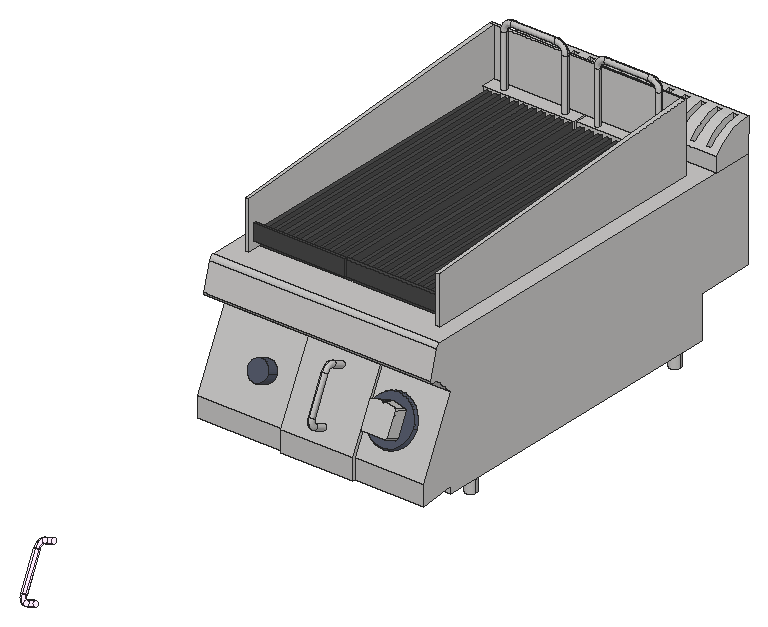
Revit family "QF_ZANUSSI_372042_Z7GRGDGC0P", category Specialty Equipment, Revit 2018
Family settings
  Round Connector Dimension = Use Diameter
  Part Type = Normal
  Work Plane-Based = No
  Always vertical = Yes
  Cut with Voids When Loaded = No
  Shared = No
  Room Calculation Point = No
Parameters
  Width = 400 mm  # constant formula
  Weight in Pounds = 71  # constant formula
  Weight = 0.00 kg
  Watts = 0 W
  Volts = 0 V
  URL Manufacturer = "http://www.zanussiprofessional.com"
  URL Cutsheet = "www.electrolux.com/foodservice"
  URL = "http://www.zanussiprofessional.com"
  Type Mark [instance] = ""
  Steam Supply Size = 0"
  Steam Supply Minimum Pressure = 0.00 psi
  Steam Supply Maximum Pressure = 0.00 psi
  Steam Pounds per Hour = 0
  Status [instance] = ""
  Specification by User [instance] = ""
  Specification by Manufacturer = ""
  Show Logo [instance] = yes
  Show Clearance [instance] = yes
  Serial Number = ""
  Seismic Rating = ""
  SMACNA No = ""
  Revision Code [instance] = ""
  Refrigeration Suction Line Size = 0"
  Refrigeration Liquid Line Size = 0"
  Refrigerant Compressor Remote = yes
  Phase = 0
  Omniclass Number and Title = ""
  NAFEM Spec ID Number = ""
  Model = "Z7GRGDGC0P"
  Mechanical Remarks = ""
  Mechanical Connection Type = ""
  Masterspec = ""
  Manufacturer = "Zanussi"
  Length Actual = 400 mm  # constant formula
  Item Number [instance] = "372042"
  Installed By [instance] = ""
  Identify Quantity as Lot [instance] = yes
  Hot Water Size = 0"
  Height Actual = 250 mm  # constant formula
  Height = 424 mm  # constant formula
  HP = "0 HP"
  Gas Size = 1/2"  # constant formula
  Gas RI Height [instance] = 0 mm
  Gas KW = 7  # constant formula
  Gas Input [instance] = 23863.0 Btu/h  # constant formula
  Gas Connection Height = 0 mm
  Furnished By [instance] = ""
  Foodservice Equipment Identifier [instance] = yes
  Direct Waste Size = 0"
  Description = "GAS GRILL TOP HP 400 MM"
  Depth Actual = 700 mm  # constant formula
  Depth = 715 mm  # constant formula
  Cycle = 0 Hz
  Condensate Return Size = 0"
  Compressed Air Volume = 0 GPM
  Compressed Air Size = 0"
  Compressed Air Pressure = 0.00 psi
  Cold Water Size = 0"
  CSI MasterFormat = ""
  CSI Master Format = ""
  Base Height [instance] = 24 mm  # constant formula
  Assembly Code = ""
  Accessory = yes
Reference planes
  plane 1 "BACK": y = 0
  plane 2: z = 0
  plane 3 "LEFT": x = 0
  plane 4 "RIGHT": x = 400
  plane 5 "FRONT": y = -715
  plane 6 "TOP": z = 289
  plane 7 "Center Y": x = 200
  plane 8 "Center X": y = -357.5
  plane 9 "BASE": z = 24
  plane 10 "TOP A": z = 274
  plane 11: y = -597.884
  plane 12: y = -147.637
  plane 13: z = 424
  plane 14 "panel": through (-6096, -654.982, 186.002) normal (0, -0.8956, 0.4448)
  plane 15: y = -700
  plane 16: y = -1373.624
Forms (mm)
  Extrusion 1, solid, material "QF_Finishes_Stainless Steel"
    sketch origin (0, 0, 0) x (0, 1, 0) y (0, 0, 1)
      loop
        line (0, 98) -> (0, 274) -> (-679.358, 274)
        arc (-679.358, 274) -> (-684.643, 271.811) -> (-686.833, 266.526) r 7.474
        line (-686.833, 266.526) -> (-699.884, 221.011)
        arc (-699.884, 221.011) -> (-699.396, 218.379) -> (-697, 217.184) r 3
        line (-697, 217.184) -> (-686.802, 217.184) -> (-654.982, 185.364) -> (-715, 64.508) -> (-715, 29.508) -> (-658.645, 37.428)
        arc (-658.645, 37.428) -> (-656.101, 36.674) -> (-655, 34.259) r 3.2
        line (-655, 34.259) -> (-655, 24) -> (-103, 24) -> (-103, 98) -> (0, 98)
    from 0 to 400
  Extrusion 2, solid, material "QF_Finishes_Stainless Steel"
    sketch origin (0, 0, 0) x (1, 0, 0) y (0, 1, 0)
      loop
        circle (11.112, -147.638) r 9.525
      loop
        circle (11.112, -597.884) r 9.525
      loop
        circle (388.887, -147.638) r 9.525
      loop
        circle (388.887, -597.884) r 9.525
    from 0 to 24
  Extrusion 3, solid, material "QF_Finishes_Stainless Steel"
    sketch origin (0, -101.6, 101.6) x (0, 0, -1) y (-1, 0, 0)
      loop
        circle (43.694, -347.613) r 6.35
    from -1.4 to 3.175
  Extrusion 4, solid, material "QF_Finishes_Clearance", visible <- "Show Clearance", detail levels coarse
    sketch origin (0, 0, 0) x (1, 0, 0) y (0, 1, 0)
      loop
        line (0, -715) -> (0, 0) -> (400, 0) -> (400, -715) -> (550.019, -715) -> (550.019, 150.019) -> (-150.019, 150.019) -> (-150.019, -715) -> (0, -715)
    from 0 to 396
  Extrusion 5, solid, material "QF_Finishes_Black"
    sketch origin (0, 0, 274.638) x (0, -1, 0) y (1, 0, 0)
      loop
        line (621.714, 36.575) -> (621.714, 198.375) -> (130.285, 198.375) -> (130.285, 36.575) -> (621.714, 36.575)
      loop
        line (621.714, 363.375) -> (130.285, 363.375) -> (130.285, 201.575) -> (621.714, 201.575) -> (621.714, 363.375)
    from 0 to 12.7
  Extrusion 6, solid, material "QF_Finishes_Stainless Steel"
    sketch origin (0, 0, 274.638) x (0, -1, 0) y (1, 0, 0)
      loop
        line (130.285, 36.575) -> (130.285, 198.375) -> (107.795, 198.375) -> (107.795, 36.575) -> (130.285, 36.575)
      loop
        line (130.285, 363.375) -> (107.795, 363.375) -> (107.795, 201.575) -> (130.285, 201.575) -> (130.285, 363.375)
    from 0 to 37.056
  Extrusion 7, solid, material "QF_Finishes_Black"
    sketch origin (52.271, -631.964, 287.338) x (-0.153405, 0, 0.988163) y (-0.988163, 0, -0.153405)
      loop
        line (-20.852, -144.668) -> (6.587, -148.928) -> (31.408, 10.957) -> (3.969, 15.217) -> (-20.852, -144.668)
      loop
        line (-21.343, -147.83) -> (-46.164, -307.715) -> (-18.724, -311.975) -> (6.097, -152.09) -> (-21.343, -147.83)
    from 0 to 5
  Sweep 8, solid, material "QF_Finishes_Stainless Steel"
    path origin (-5, -118.772, 30.903) x (0, 0, 1) y (-1, 0, 0)
      loop
        line (280.865, -69.349) -> (372.777, -69.349)
        arc (372.777, -69.349) -> (383.553, -73.812) -> (388.017, -84.589) r 15.24
        line (388.017, -84.589) -> (388.017, -162.031)
        arc (388.017, -162.031) -> (383.553, -172.808) -> (372.777, -177.271) r 15.24
        line (372.777, -177.271) -> (280.865, -177.271)
    profile origin (64.349, -118.772, 357.724) x (-1, 0, 0) y (0, -1, 0)
      loop
        circle (0, 0) r 4.572
  Extrusion 9, solid, material "QF_Finishes_Stainless Steel"
    sketch origin (35.025, -104.885, 396) x (0, -1, 0) y (0, 0, -1)
      loop
        line (0, -0.1) -> (540, 38.757) -> (540, 122) -> (0, 122) -> (0, -0.1)
    from 0 to -6.35
  Extrusion 10, solid, material "QF_Finishes_Stainless Steel"
    sketch origin (365.025, -104.885, 396) x (0, -1, 0) y (0, 0, 1)
      loop
        line (0, 0.1) -> (0, -122) -> (540, -122) -> (540, -38.757) -> (0, 0.1)
    from 0 to -6.35
  Extrusion 11, solid, material "QF_Finishes_Stainless Steel"
    sketch origin (35.025, -104.885, 274) x (0, 0, 1) y (1, 0, 0)
      loop
        line (0, -6.35) -> (122.1, -6.35) -> (122.1, 336.35) -> (0, 336.35) -> (0, -6.35)
    from 0 to 3.2
  Sweep 12, solid, material "QF_Finishes_Stainless Steel"
    path origin (160, -118.772, 30.903) x (0, 0, 1) y (-1, 0, 0)
      loop
        line (280.865, -69.349) -> (372.777, -69.349)
        arc (372.777, -69.349) -> (383.553, -73.812) -> (388.017, -84.589) r 15.24
        line (388.017, -84.589) -> (388.017, -162.006)
        arc (388.017, -162.006) -> (383.553, -172.783) -> (372.777, -177.246) r 15.24
        line (372.777, -177.246) -> (280.865, -177.246)
    profile origin (229.349, -118.772, 357.724) x (-1, 0, 0) y (0, -1, 0)
      loop
        circle (0, 0) r 4.572
  Extrusion 13, solid, material "QF_Finishes_Stainless Steel"
    sketch origin (0, 0, 0) x (0, 1, 0) y (0, 0, 1)
      loop
        line (0, 274.638) -> (0, 333.49)
        arc (0, 333.49) -> (-38.863, 325.127) -> (-69.85, 300.225) r 86.271
        line (-69.85, 300.225) -> (-69.85, 274.638) -> (0, 274.638)
    from 0 to 400.05
  Extrusion 14, void
    sketch origin (0, 0, 274.638) x (-1, 0, 0) y (0, -1, 0)
      loop
        line (-13.453, 6.761) -> (-13.453, 63.911) -> (-22.749, 63.911) -> (-22.749, 6.761) -> (-13.453, 6.761)
    from 25.4 to 63.5
  Extrusion 15, void
    sketch origin (400.05, 0, 274.638) x (1, 0, 0) y (0, 1, 0)
      loop
        line (-13.503, -6.761) -> (-22.799, -6.761) -> (-22.799, -63.911) -> (-13.503, -63.911) -> (-13.503, -6.761)
    from 25.4 to 63.5
  Extrusion 16, void
    sketch origin (27.988, 0, 274.638) x (-1, 0, 0) y (0, -1, 0)
      loop
        line (-13.453, 6.761) -> (-13.453, 63.911) -> (-22.749, 63.911) -> (-22.749, 6.761) -> (-13.453, 6.761)
    from 25.4 to 63.5
  Extrusion 17, void
    sketch origin (55.977, 0, 274.638) x (-1, 0, 0) y (0, -1, 0)
      loop
        line (-13.453, 6.761) -> (-13.453, 63.911) -> (-22.749, 63.911) -> (-22.749, 6.761) -> (-13.453, 6.761)
    from 25.4 to 63.5
  Extrusion 18, void
    sketch origin (83.965, 0, 274.638) x (-1, 0, 0) y (0, -1, 0)
      loop
        line (-13.428, 6.761) -> (-13.428, 63.911) -> (-22.724, 63.911) -> (-22.724, 6.761) -> (-13.428, 6.761)
    from 25.4 to 63.5
  Extrusion 19, void
    sketch origin (111.953, 0, 274.638) x (-1, 0, 0) y (0, -1, 0)
      loop
        line (-13.428, 6.761) -> (-13.428, 63.911) -> (-22.724, 63.911) -> (-22.724, 6.761) -> (-13.428, 6.761)
    from 25.4 to 63.5
  Extrusion 20, void
    sketch origin (139.942, 0, 274.638) x (-1, 0, 0) y (0, -1, 0)
      loop
        line (-13.428, 6.761) -> (-13.428, 63.911) -> (-22.724, 63.911) -> (-22.724, 6.761) -> (-13.428, 6.761)
    from 25.4 to 63.5
  Extrusion 21, void
    sketch origin (167.93, 0, 274.638) x (-1, 0, 0) y (0, -1, 0)
      loop
        line (-13.428, 6.761) -> (-13.428, 63.911) -> (-22.724, 63.911) -> (-22.724, 6.761) -> (-13.428, 6.761)
    from 25.4 to 63.5
  Extrusion 22, void
    sketch origin (195.918, 0, 274.638) x (-1, 0, 0) y (0, -1, 0)
      loop
        line (-13.428, 6.761) -> (-13.428, 63.911) -> (-22.724, 63.911) -> (-22.724, 6.761) -> (-13.428, 6.761)
    from 25.4 to 63.5
  Extrusion 23, void
    sketch origin (223.907, 0, 274.638) x (-1, 0, 0) y (0, -1, 0)
      loop
        line (-13.428, 6.761) -> (-13.428, 63.911) -> (-22.724, 63.911) -> (-22.724, 6.761) -> (-13.428, 6.761)
    from 25.4 to 63.5
  Extrusion 24, void
    sketch origin (251.895, 0, 274.638) x (-1, 0, 0) y (0, -1, 0)
      loop
        line (-13.428, 6.761) -> (-13.428, 63.911) -> (-22.724, 63.911) -> (-22.724, 6.761) -> (-13.428, 6.761)
    from 25.4 to 63.5
  Extrusion 25, void
    sketch origin (279.884, 0, 274.638) x (-1, 0, 0) y (0, -1, 0)
      loop
        line (-13.403, 6.761) -> (-13.403, 63.911) -> (-22.699, 63.911) -> (-22.699, 6.761) -> (-13.403, 6.761)
    from 25.4 to 63.5
  Extrusion 26, void
    sketch origin (307.872, 0, 274.638) x (-1, 0, 0) y (0, -1, 0)
      loop
        line (-13.403, 6.761) -> (-13.403, 63.911) -> (-22.699, 63.911) -> (-22.699, 6.761) -> (-13.403, 6.761)
    from 25.4 to 63.5
  Extrusion 27, void
    sketch origin (335.86, 0, 274.638) x (-1, 0, 0) y (0, -1, 0)
      loop
        line (-13.403, 6.761) -> (-13.403, 63.911) -> (-22.699, 63.911) -> (-22.699, 6.761) -> (-13.403, 6.761)
    from 25.4 to 63.5
  Extrusion 28, solid, material "QF_Plastic-Black-Matte"
    sketch origin (262.6, -684.991, 125.574) x (0, 0.444781, 0.895639) y (0, 0.895639, -0.444781)
      loop
        line (26.984, -34) -> (23.984, -34) -> (23.984, -35) -> (26.984, -35)
        arc (26.984, -35) -> (27.691, -34.707) -> (27.984, -34) r 1
        line (27.984, -34) -> (27.984, -19) -> (26.984, -19) -> (26.984, -34)
    from -58.5 to -56.5
  Extrusion 29, solid, material "QF_Finishes_Stainless Steel"
    sketch origin (320.1, -684.991, 125.574) x (-1, 0, 0) y (0, -0.444781, -0.895639)
      loop
        line (17.5, -17.5) -> (17.5, 17.5) -> (-17.5, 17.5) -> (-17.5, -17.5) -> (17.5, -17.5)
    from 5 to 10
  Extrusion 30, solid, material "QF_Finishes_Stainless Steel"
    sketch origin (320.1, -684.991, 125.574) x (-1, 0, 0) y (0, -0.444781, -0.895639)
      loop
        arc (-21.147, -22.789) -> (0, -26.984) -> (21.147, -22.789) r 55.4
        arc (21.147, -22.789) -> (22.494, -21.685) -> (23, -20.019) r 2.997
        line (23, -20.019) -> (23, 20.019)
        arc (23, 20.019) -> (22.122, 22.138) -> (20.003, 23.016) r 2.997
        line (20.003, 23.016) -> (-20.003, 23.016)
        arc (-20.003, 23.016) -> (-22.122, 22.138) -> (-23, 20.019) r 2.997
        line (-23, 20.019) -> (-23, -20.019)
        arc (-23, -20.019) -> (-22.494, -21.685) -> (-21.147, -22.789) r 2.997
    from 10 to 34
  Blend 31, solid, material "QF_Finishes_Navy Blue"
    base sketch origin (320.1, -684.991, 125.574) x (1, 0, 0) y (0, 0.444781, 0.895639)
      loop
        circle (0, 0) r 42.5
    top sketch origin (320.1, -684.991, 125.574) x (1, 0, 0) y (0, 0.444781, 0.895639)
      loop
        circle (0, 0) r 40.5
    from 0 to 5
  Extrusion 32, solid, material "QF_Finishes_Stainless Steel"
    sketch origin (180, -122.343, 1258.557) x (1, 0, 0) y (0, 0.444781, 0.895639)
      loop
        circle (-80, -1265) r 15
    from 0 to 3
  Extrusion 33, solid, material "QF_Finishes_Navy Blue"
    sketch origin (180, -122.343, 1258.557) x (1, 0, 0) y (0, 0.444781, 0.895639)
      loop
        circle (-80, -1265) r 18
    from 3 to 23
  Extrusion 34, solid, material "QF_Finishes_Drawer Clearance", visible <- "Show Clearance", detail levels coarse
    sketch origin (150.543, 0, -2.09) x (0, 1, 0) y (0, 0, 1)
      loop
        line (-718.2, 31.598) -> (-718.2, 67.537) -> (-658.663, 187.425) -> (-1292.631, 187.425) -> (-1356.556, 58.702) -> (-1356.556, 31.598) -> (-718.2, 31.598)
    from 0 to 127
  Sweep 35, solid, material "QF_Finishes_Drawer Clearance"
    path origin (16.593, -643.685, -21.613) x (0, 0.999563, -0.029571) y (0, 0.029571, 0.999563)
      loop
        line (-662.718, 170.424) -> (-683.347, 179.918)
        arc (-683.347, 179.918) -> (-693.06, 180.294) -> (-700.193, 173.692) r 12.7
        line (-700.193, 173.692) -> (-727.741, 113.839)
        arc (-727.741, 113.839) -> (-728.117, 104.126) -> (-721.514, 96.993) r 12.7
        line (-721.514, 96.993) -> (-700.886, 87.498)
    profile origin (16.593, -1311.243, 173.384) x (0, -0.444781, -0.895639) y (1, 0, 0)
      loop
        circle (0, 200.05) r 4.572
  Sweep 36, solid, material "QF_Finishes_Stainless Steel"
    path origin (16.593, -9.731, -20.16) x (0, 0.999563, -0.029571) y (0, 0.029571, 0.999563)
      loop
        line (-662.718, 170.424) -> (-683.347, 179.918)
        arc (-683.347, 179.918) -> (-693.06, 180.294) -> (-700.193, 173.692) r 12.7
        line (-700.193, 173.692) -> (-727.741, 113.839)
        arc (-727.741, 113.839) -> (-728.117, 104.126) -> (-721.514, 96.993) r 12.7
        line (-721.514, 96.993) -> (-700.886, 87.498)
    profile origin (16.593, -677.289, 174.836) x (0, -0.444781, -0.895639) y (1, 0, 0)
      loop
        circle (0, 200.05) r 4.572
  Extrusion 37, solid, material "QF_Finishes_Stainless Steel"
    sketch origin (150.543, 0, -0.638) x (0, 1, 0) y (0, 0, 1)
      loop
        line (-715, 65.146) -> (-654.982, 186.002) -> (-657.848, 187.425) -> (-718.2, 65.896) -> (-718.2, 30.146) -> (-715, 30.146) -> (-715, 65.146)
    from 0 to 127
Cuts and joins
  joined: Extrusion 9, Extrusion 10, Extrusion 11
  Extrusion 14 cuts Extrusion 4
  Extrusion 14, Extrusion 15, Extrusion 16, Extrusion 17, Extrusion 18, Extrusion 19, Extrusion 20, Extrusion 21, Extrusion 22, Extrusion 23, Extrusion 24, Extrusion 25, Extrusion 26, Extrusion 27 cuts Extrusion 13
Lines and regions (mm)
  Split face 1
    outline origin (320.1, -689.469, 127.797) x (1, 0, 0) y (0, 0.444781, 0.895639)
      loop
        circle (0, 34.714) r 1.714
  Split face 2
    outline origin (320.1, -689.469, 127.797) x (1, 0, 0) y (0, 0.444781, 0.895639)
      loop
        circle (-17.357, 30.063) r 2
  Split face 3
    outline origin (320.1, -689.469, 127.797) x (1, 0, 0) y (0, 0.444781, 0.895639)
      loop
        circle (17.357, 30.063) r 2
  Split face 4
    outline origin (320.1, -689.469, 127.797) x (1, 0, 0) y (0, 0.444781, 0.895639)
      loop
        line (-23.985, -28.584) -> (-20.542, -24.481)
        arc (-20.542, -24.481) -> (-27.511, -15.911) -> (-31.231, -5.511) r 32.719
        line (-31.231, -5.511) -> (-37.141, -6.549)
        arc (-37.141, -6.549) -> (-32.568, -18.764) -> (-23.985, -28.584) r 36.411
  Split face 5
    outline origin (320.1, -689.469, 127.797) x (1, 0, 0) y (0, 0.444781, 0.895639)
      loop
        arc (20.441, -26.163) -> (0.211, -32.559) -> (-19.689, -25.201) r 32.719
        line (-19.689, -25.201) -> (-22.952, -29.377)
        arc (-22.952, -29.377) -> (-0.277, -36.495) -> (21.959, -28.107) r 36.411
        line (21.959, -28.107) -> (20.441, -26.163)
  Split face 6
    outline origin (320.1, -689.469, 127.797) x (1, 0, 0) y (0, 0.444781, 0.895639)
      loop
        line (21.361, -25.457) -> (22.903, -27.295)
        arc (22.903, -27.295) -> (31.935, -14.958) -> (35.104, 0) r 36.411
        line (35.104, 0) -> (33.714, 0)
        arc (33.714, 0) -> (30.431, -14.133) -> (21.361, -25.457) r 32.719
  Split face 7
    outline origin (320.1, -689.469, 127.797) x (1, 0, 0) y (0, 0.444781, 0.895639)
      loop
        arc (-37.695, 1.149) -> (-34.899, -3.19) -> (-31.619, 0.795) r 3.195
        line (-31.619, 0.795) -> (-32.379, 3.751)
        arc (-32.379, 3.751) -> (-34.462, 5.448) -> (-36.693, 3.952) r 2.258
        line (-36.693, 3.952) -> (-37.695, 1.149)
  symbolic lines, style "QF-Clearances", visible <- "Show Clearance", detail levels coarse
    curve 1: line (550.019, 150.019, 274) -> (-150.019, 150.019, 274)
    curve 2: line (550.019, -715, 274) -> (550.019, 150.019, 274)
    curve 3: line (-150.019, 150.019, 274.638) -> (-150.019, -715, 274.638)
    curve 4: line (550.019, 150.019, 274.638) -> (-150.019, 150.019, 274.638)
  symbolic lines
    curve 5: line (0, 0, 274.638) -> (400, 0, 274.638)
    curve 6: line (0, -715, 274.638) -> (0, 0, 274.638)
    curve 7: line (400, 0, 274.638) -> (400, -715, 274.638)
    curve 8: line (35.025, -104.885, 274.638) -> (35.025, -644.885, 274.638)
    curve 9: line (28.675, -644.885, 274.638) -> (35.025, -644.885, 274.638)
    curve 10: line (364.975, -104.885, 274.638) -> (35.025, -104.885, 274.638)
    curve 11: line (0, -69.85, 274.638) -> (400, -69.85, 274.638)
    curve 12: line (28.675, -98.535, 274.638) -> (28.675, -644.885, 274.638)
    curve 13: line (28.675, -98.535, 274.638) -> (371.325, -98.535, 274.638)
    curve 14: line (36.625, -107.795, 274.638) -> (198.4, -107.795, 274.638)
    curve 15: line (36.625, -636.964, 274.638) -> (36.625, -107.795, 274.638)
    curve 16: line (198.4, -130.285, 274.638) -> (36.625, -130.285, 274.638)
    curve 17: line (198.4, -107.795, 274.638) -> (198.4, -636.964, 274.638)
    curve 21: line (201.6, -107.795, 274.638) -> (363.375, -107.795, 274.638)
    curve 22: line (201.6, -636.964, 274.638) -> (201.6, -107.795, 274.638)
    curve 23: line (363.375, -130.285, 274.638) -> (201.6, -130.285, 274.638)
    curve 24: line (363.375, -107.795, 274.638) -> (363.375, -636.964, 274.638)
    curve 25: line (64.349, -114.2, 274) -> (172.271, -114.2, 274)
    curve 26: line (172.271, -123.344, 274) -> (64.349, -123.344, 274)
    curve 27: arc (64.349, -114.2, 274) -> (59.777, -118.772, 274) -> (64.349, -123.344, 274) r 4.572
    curve 28: arc (172.271, -114.2, 274) -> (176.843, -118.772, 274) -> (172.271, -123.344, 274) r 4.572
    curve 29: line (337.189, -114.2, 274) -> (229.291, -114.2, 274)
    curve 30: line (229.291, -123.344, 274) -> (337.189, -123.344, 274)
    curve 31: arc (337.189, -114.2, 274) -> (341.761, -118.772, 274) -> (337.189, -123.344, 274) r 4.572
    curve 32: arc (229.291, -114.2, 274) -> (224.719, -118.772, 274) -> (229.291, -123.344, 274) r 4.572
    curve 33: line (36.625, -636.964, 274) -> (198.4, -636.964, 274)
    curve 34: line (198.4, -631.964, 274) -> (36.625, -631.964, 274)
    curve 35: line (201.6, -636.964, 274) -> (363.375, -636.964, 274)
    curve 36: line (363.375, -631.964, 274) -> (201.6, -631.964, 274)
    curve 37: line (364.975, -104.885, 274.638) -> (364.975, -644.885, 274.638)
    curve 38: line (371.325, -644.885, 274.638) -> (364.975, -644.885, 274.638)
    curve 39: line (371.325, -98.535, 274.638) -> (371.325, -644.885, 274.638)
    curve 40: line (13.428, -6.761, 274) -> (22.724, -6.761, 274)
    curve 41: line (13.428, -63.911, 274) -> (13.428, -6.761, 274)
    curve 42: line (22.724, -63.911, 274) -> (13.428, -63.911, 274)
    curve 43: line (22.724, -6.761, 274) -> (22.724, -63.911, 274)
    curve 44: line (41.416, -6.761, 274) -> (50.712, -6.761, 274)
    curve 45: line (41.416, -63.911, 274) -> (41.416, -6.761, 274)
    curve 46: line (50.712, -63.911, 274) -> (41.416, -63.911, 274)
    curve 47: line (50.712, -6.761, 274) -> (50.712, -63.911, 274)
    curve 48: line (69.405, -6.761, 274) -> (78.7, -6.761, 274)
    curve 49: line (69.405, -63.911, 274) -> (69.405, -6.761, 274)
    curve 50: line (78.7, -63.911, 274) -> (69.405, -63.911, 274)
    curve 51: line (78.7, -6.761, 274) -> (78.7, -63.911, 274)
    curve 52: line (97.393, -6.761, 274) -> (106.689, -6.761, 274)
    curve 53: line (97.393, -63.911, 274) -> (97.393, -6.761, 274)
    curve 54: line (106.689, -63.911, 274) -> (97.393, -63.911, 274)
    curve 55: line (106.689, -6.761, 274) -> (106.689, -63.911, 274)
    curve 56: line (125.381, -6.761, 274) -> (134.677, -6.761, 274)
    curve 57: line (125.381, -63.911, 274) -> (125.381, -6.761, 274)
    curve 58: line (134.677, -63.911, 274) -> (125.381, -63.911, 274)
    curve 59: line (134.677, -6.761, 274) -> (134.677, -63.911, 274)
    curve 60: line (153.37, -6.761, 274) -> (162.665, -6.761, 274)
    curve 61: line (153.37, -63.911, 274) -> (153.37, -6.761, 274)
    curve 62: line (162.665, -63.911, 274) -> (153.37, -63.911, 274)
    curve 63: line (162.665, -6.761, 274) -> (162.665, -63.911, 274)
    curve 64: line (181.358, -6.761, 274) -> (190.654, -6.761, 274)
    curve 65: line (181.358, -63.911, 274) -> (181.358, -6.761, 274)
    curve 66: line (190.654, -63.911, 274) -> (181.358, -63.911, 274)
    curve 67: line (190.654, -6.761, 274) -> (190.654, -63.911, 274)
    curve 68: line (209.346, -6.761, 274) -> (218.642, -6.761, 274)
    curve 69: line (209.346, -63.911, 274) -> (209.346, -6.761, 274)
    curve 70: line (218.642, -63.911, 274) -> (209.346, -63.911, 274)
    curve 71: line (218.642, -6.761, 274) -> (218.642, -63.911, 274)
    curve 72: line (237.31, -6.761, 274) -> (246.605, -6.761, 274)
    curve 73: line (237.31, -63.911, 274) -> (237.31, -6.761, 274)
    curve 74: line (246.605, -63.911, 274) -> (237.31, -63.911, 274)
    curve 75: line (246.605, -6.761, 274) -> (246.605, -63.911, 274)
    curve 76: line (265.298, -6.761, 274) -> (274.594, -6.761, 274)
    curve 77: line (265.298, -63.911, 274) -> (265.298, -6.761, 274)
    curve 78: line (274.594, -63.911, 274) -> (265.298, -63.911, 274)
    curve 79: line (274.594, -6.761, 274) -> (274.594, -63.911, 274)
    curve 80: line (293.286, -6.761, 274) -> (302.582, -6.761, 274)
    curve 81: line (293.286, -63.911, 274) -> (293.286, -6.761, 274)
    curve 82: line (302.582, -63.911, 274) -> (293.286, -63.911, 274)
    curve 83: line (302.582, -6.761, 274) -> (302.582, -63.911, 274)
    curve 84: line (321.275, -6.761, 274) -> (330.57, -6.761, 274)
    curve 85: line (321.275, -63.911, 274) -> (321.275, -6.761, 274)
    curve 86: line (330.57, -63.911, 274) -> (321.275, -63.911, 274)
    curve 87: line (330.57, -6.761, 274) -> (330.57, -63.911, 274)
    curve 88: line (349.263, -6.761, 274) -> (358.559, -6.761, 274)
    curve 89: line (349.263, -63.911, 274) -> (349.263, -6.761, 274)
    curve 90: line (358.559, -63.911, 274) -> (349.263, -63.911, 274)
    curve 91: line (358.559, -6.761, 274) -> (358.559, -63.911, 274)
    curve 92: line (377.251, -6.761, 274) -> (386.547, -6.761, 274)
    curve 93: line (377.251, -63.911, 274) -> (377.251, -6.761, 274)
    curve 94: line (386.547, -63.911, 274) -> (377.251, -63.911, 274)
    curve 95: line (386.547, -6.761, 274) -> (386.547, -63.911, 274)
    curve 96: line (297.05, -700, 0) -> (297.05, -724.347, 0)
    curve 97: arc (297.05, -724.347, 0) -> (297.196, -724.811, 0) -> (297.582, -725.107, 0) r 0.809
    curve 98: arc (297.582, -725.107, 0) -> (298.77, -725.587, 0) -> (300.047, -725.68, 0) r 4.127
    curve 99: arc (297.05, -704.292, 0) -> (292.009, -702.458, 0) -> (287.241, -700, 0) r 42.24
    curve 100: arc (297.05, -706.539, 0) -> (297.552, -705.818, 0) -> (298.349, -705.448, 0) r 1.682
    curve 101: arc (298.349, -705.448, 0) -> (308.652, -703.955, 0) -> (319.05, -703.45, 0) r 109.069
    curve 102: line (319.05, -700, 0) -> (319.05, -705.671, 0)
    curve 103: line (319.05, -705.671, 0) -> (321.05, -705.671, 0)
    curve 104: line (321.05, -705.671, 0) -> (321.05, -700, 0)
    curve 105: line (343.05, -700, 0) -> (343.05, -724.347, 0)
    curve 106: arc (343.05, -724.347, 0) -> (342.904, -724.811, 0) -> (342.518, -725.107, 0) r 0.809
    curve 107: arc (342.518, -725.107, 0) -> (341.33, -725.587, 0) -> (340.053, -725.68, 0) r 4.127
    curve 108: arc (343.05, -704.292, 0) -> (348.091, -702.458, 0) -> (352.859, -700, 0) r 42.24
    curve 109: arc (343.05, -706.539, 0) -> (342.548, -705.818, 0) -> (341.751, -705.448, 0) r 1.682
    curve 110: arc (341.751, -705.448, 0) -> (331.448, -703.945, 0) -> (321.05, -703.431, 0) r 109.088
    curve 111: line (300.047, -725.68, 0) -> (340.053, -725.68, 0)
    curve 112: line (0, -700, 0) -> (400, -700, 0)
    curve 113: line (195.5, -700, 0) -> (195.5, -734.218, 0)
    curve 114: line (204.5, -700, 0) -> (204.5, -734.218, 0)
    curve 115: arc (195.5, -734.218, 0) -> (200, -738.718, 0) -> (204.5, -734.218, 0) r 4.5
    curve 116: line (133.9, -700, 0) -> (133.9, -718.2, 0)
    curve 117: line (133.9, -718.2, 0) -> (195.5, -718.2, 0)
    curve 118: line (204.5, -718.2, 0) -> (260.9, -718.2, 0)
    curve 119: line (260.9, -718.2, 0) -> (260.9, -700, 0)
    curve 120: line (133.9, -715, 0) -> (195.5, -715, 0)
    curve 121: line (204.5, -715, 0) -> (260.9, -715, 0)
    curve 122: line (0, -715, 0) -> (133.9, -715, 0)
    curve 123: line (260.9, -715, 0) -> (297.05, -715, 0)
    curve 124: line (343.05, -715, 0) -> (400, -715, 0)
    curve 125: line (81.95, -705.591, 0) -> (81.95, -700, 0)
    curve 126: line (117.95, -705.591, 0) -> (117.95, -700, 0)
    curve 127: spline (81.95, -705.591, 0) -> (82.563, -707.663, 0) -> (84.362, -709.594, 0) -> (87.222, -711.252, 0) -> (90.95, -712.524, 0) -> (95.291, -713.324, 0) -> (99.95, -713.597, 0) -> (104.609, -713.324, 0) -> (108.95, -712.524, 0) -> (112.678, -711.252, 0) -> (115.538, -709.594, 0) -> (117.337, -707.663, 0) -> (117.95, -705.591, 0)
    curve 128: spline (117.95, -705.591, 0) -> (117.913, -705.075, 0) -> (117.801, -704.562, 0) -> (117.615, -704.053, 0) -> (117.356, -703.55, 0) -> (117.024, -703.056, 0) -> (116.622, -702.573, 0) -> (116.151, -702.102, 0) -> (115.612, -701.645, 0) -> (115.009, -701.205, 0) -> (114.343, -700.783, 0) -> (113.617, -700.381, 0) -> (112.834, -700, 0)
    curve 129: spline (87.066, -700, 0) -> (86.283, -700.381, 0) -> (85.557, -700.783, 0) -> (84.891, -701.205, 0) -> (84.288, -701.645, 0) -> (83.749, -702.102, 0) -> (83.278, -702.573, 0) -> (82.876, -703.056, 0) -> (82.544, -703.55, 0) -> (82.285, -704.053, 0) -> (82.099, -704.562, 0) -> (81.987, -705.075, 0) -> (81.95, -705.591, 0)
  symbolic lines, style "QF_Drawer Clearance"
    curve 18: line (133.925, -715, 274) -> (133.925, -1374, 274)
    curve 19: line (133.925, -1374, 274) -> (260.925, -1374, 274)
    curve 20: line (260.925, -1374, 274) -> (260.925, -715, 274)
Dimensions and locks
  equal spacing: plane 3 "LEFT", plane 7 "Center Y", plane 4 "RIGHT"
  "Width": plane 3 "LEFT" to plane 4 "RIGHT"
  equal spacing: plane 5 "FRONT", plane 8 "Center X", plane 1 "BACK"
  "Depth": plane 5 "FRONT" to plane 1 "BACK"
  plane 1 "BACK" to plane 5 "FRONT" = 715 mm
  "Base Height": plane 9 "BASE" to level
  plane 10 "TOP A" to plane 9 "BASE" = 250 mm  (x2)
  plane 9 "BASE" to level = 24 mm
  plane 4 "RIGHT" to Extrusion 3 sketch curve = 52.388 mm
  "Height": plane 13 to level
  equal spacing: group 1, group 3, group 4, group 5, group 6, group 7, group 8, group 9, group 10, group 2  (x3)
  plane 1 "BACK" to plane 15 = 700 mm
  plane 1 "BACK" to plane 16 = 1373.624 mm
  aligned and locked: level to plane 2
  aligned and locked: plane 4 "RIGHT" to Extrusion 1
  aligned and locked: curve 7 to plane 4 "RIGHT"
Automatic sketch dimensions
  nested 1 to Extrusion 7 sketch curve = 307.715 mm
  Extrusion 7 sketch curve to nested 1 = 1.587 mm
  nested 1 to Extrusion 7 sketch curve = 147.83 mm
  Extrusion 7 sketch curve to Extrusion 7 sketch curve = 24.821 mm  (x2)
  nested 1 to Extrusion 7 sketch curve = 144.668 mm
  Extrusion 7 sketch curve to Extrusion 7 sketch curve = 0.491 mm
  nested 1 to Extrusion 7 sketch curve = 311.975 mm
  Extrusion 7 sketch curve to nested 1 = 15.217 mm
  nested 1 to Extrusion 7 sketch curve = 148.928 mm
  plane 6 "TOP" to Sweep 8 sketch curve = 22.768 mm  (x2)
  plane 13 to Sweep 8 sketch curve = 20.32 mm  (x2)
  plane 13 to Sweep 8 sketch curve = 5.08 mm
  Sweep 8 sketch curve to plane 7 "Center Y" = 27.729 mm
  Sweep 8 sketch curve to Sweep 8 sketch curve = 77.443 mm
  Sweep 8 sketch curve to profile plane = 0 mm
  profile plane to Sweep 8 sketch curve = 0 mm
  Extrusion 9 sketch curve to plane 10 "TOP A" = 0 mm
  Extrusion 9 sketch curve to plane 12 = 42.753 mm
  plane 11 to Extrusion 9 sketch curve = 47 mm
  plane 13 to Extrusion 9 sketch curve = 66.757 mm
  plane 13 to Extrusion 9 sketch curve = 27.9 mm
  Extrusion 10 sketch curve to plane 10 "TOP A" = 0 mm
  Extrusion 10 sketch curve to plane 12 = 42.753 mm
  plane 11 to Extrusion 10 sketch curve = 47 mm
  plane 13 to Extrusion 10 sketch curve = 66.757 mm
  plane 13 to Extrusion 10 sketch curve = 27.9 mm
  Extrusion 11 sketch curve to Extrusion 9 = 0 mm  (x3)
  Extrusion 11 sketch curve to Extrusion 9 = 336.35 mm
  level to Extrusion 13 sketch curve = 274.638 mm
  Extrusion 13 sketch curve to plane 1 "BACK" = 0 mm
  plane 1 "BACK" to Extrusion 13 sketch curve = 1.769 mm
  plane 9 "BASE" to Extrusion 13 sketch curve = 276.225 mm
  plane 1 "BACK" to Extrusion 13 sketch curve = 69.85 mm
  level to Extrusion 13 sketch curve = 247.238 mm
  plane 1 "BACK" to Extrusion 14 sketch curve = 6.761 mm
  plane 3 "LEFT" to Extrusion 14 sketch curve = 22.749 mm
  Extrusion 14 sketch curve to Extrusion 14 sketch curve = 9.296 mm
  Extrusion 14 sketch curve to Extrusion 14 sketch curve = 57.15 mm
  plane 1 "BACK" to Extrusion 16 sketch curve = 6.761 mm
  plane 3 "LEFT" to Extrusion 16 sketch curve = 50.737 mm
  Extrusion 16 sketch curve to Extrusion 16 sketch curve = 9.296 mm
  Extrusion 16 sketch curve to Extrusion 16 sketch curve = 57.15 mm
  plane 1 "BACK" to Extrusion 17 sketch curve = 6.761 mm
  plane 3 "LEFT" to Extrusion 17 sketch curve = 78.725 mm
  Extrusion 17 sketch curve to Extrusion 17 sketch curve = 9.296 mm
  Extrusion 17 sketch curve to Extrusion 17 sketch curve = 57.15 mm
  plane 1 "BACK" to Extrusion 18 sketch curve = 6.761 mm
  Extrusion 18 sketch curve to plane 7 "Center Y" = 93.311 mm
  Extrusion 18 sketch curve to Extrusion 18 sketch curve = 9.296 mm
  Extrusion 18 sketch curve to Extrusion 18 sketch curve = 57.15 mm
  plane 1 "BACK" to Extrusion 19 sketch curve = 6.761 mm
  Extrusion 19 sketch curve to plane 7 "Center Y" = 65.323 mm
  Extrusion 19 sketch curve to Extrusion 19 sketch curve = 9.296 mm
  Extrusion 19 sketch curve to Extrusion 19 sketch curve = 57.15 mm
  plane 1 "BACK" to Extrusion 20 sketch curve = 6.761 mm
  Extrusion 20 sketch curve to plane 7 "Center Y" = 37.335 mm
  Extrusion 20 sketch curve to Extrusion 20 sketch curve = 9.296 mm
  Extrusion 20 sketch curve to Extrusion 20 sketch curve = 57.15 mm
  Extrusion 21 sketch curve to plane 7 "Center Y" = 9.346 mm
  Extrusion 21 sketch curve to Extrusion 21 sketch curve = 9.296 mm
  plane 1 "BACK" to Extrusion 21 sketch curve = 6.761 mm
  Extrusion 21 sketch curve to Extrusion 21 sketch curve = 57.15 mm
  plane 1 "BACK" to Extrusion 22 sketch curve = 6.761 mm
  plane 7 "Center Y" to Extrusion 22 sketch curve = 18.642 mm
  Extrusion 22 sketch curve to Extrusion 22 sketch curve = 9.296 mm
  Extrusion 22 sketch curve to Extrusion 22 sketch curve = 57.15 mm
  plane 1 "BACK" to Extrusion 23 sketch curve = 6.761 mm
  plane 7 "Center Y" to Extrusion 23 sketch curve = 46.63 mm
  Extrusion 23 sketch curve to Extrusion 23 sketch curve = 9.296 mm
  Extrusion 23 sketch curve to Extrusion 23 sketch curve = 57.15 mm
  plane 1 "BACK" to Extrusion 24 sketch curve = 6.761 mm
  plane 7 "Center Y" to Extrusion 24 sketch curve = 74.619 mm
  Extrusion 24 sketch curve to Extrusion 24 sketch curve = 9.296 mm
  Extrusion 24 sketch curve to Extrusion 24 sketch curve = 57.15 mm
  plane 11 to Extrusion 2 sketch curve = 0 mm  (x2)
  plane 12 to Extrusion 2 sketch curve = 0 mm  (x2)
  plane 3 "LEFT" to Extrusion 2 sketch curve = 11.112 mm  (x2)
  Extrusion 2 sketch curve to plane 4 "RIGHT" = 11.113 mm  (x2)
  plane 5 "FRONT" to Extrusion 4 sketch curve = 0 mm  (x2)
  plane 1 "BACK" to Extrusion 4 sketch curve = 0 mm
  Extrusion 4 sketch curve to plane 3 "LEFT" = 0 mm
  Extrusion 4 sketch curve to plane 4 "RIGHT" = 0 mm
  Extrusion 4 sketch curve to plane 3 "LEFT" = 150.019 mm
  plane 4 "RIGHT" to Extrusion 4 sketch curve = 150.019 mm
  Extrusion 4 sketch curve to plane 1 "BACK" = 150.019 mm
  Extrusion 5 sketch curve to Extrusion 5 sketch curve = 161.8 mm
  Extrusion 5 sketch curve to Extrusion 5 sketch curve = 3.2 mm
  Extrusion 6 sketch curve to Extrusion 6 sketch curve = 22.49 mm  (x2)
  Extrusion 6 sketch curve to Extrusion 6 sketch curve = 161.8 mm
  Extrusion 6 sketch curve to Extrusion 6 sketch curve = 3.2 mm
  plane 1 "BACK" to curve 5 = 0 mm
  curve 5 to plane 3 "LEFT" = 0 mm
  plane 5 "FRONT" to curve 3 = 0 mm
  plane 5 "FRONT" to curve 7 = 0 mm
  plane 4 "RIGHT" to curve 4 = 150.019 mm
  curve 13 to plane 4 "RIGHT" = 28.675 mm
  curve 13 to curve 37 = 6.35 mm
  curve 10 to curve 24 = 1.6 mm
  plane 7 "Center Y" to curve 22 = 1.6 mm
  curve 17 to plane 7 "Center Y" = 1.6 mm
  plane 3 "LEFT" to curve 15 = 36.625 mm
  curve 14 to curve 8 = 1.6 mm
  curve 8 to curve 12 = 6.35 mm
  curve 3 to plane 3 "LEFT" = 150.019 mm
  curve 3 to plane 1 "BACK" = 150.019 mm
  plane 1 "BACK" to curve 11 = 69.85 mm
  curve 11 to curve 12 = 28.685 mm
  curve 13 to curve 10 = 6.35 mm
  curve 22 to plane 12 = 39.843 mm
  curve 17 to curve 21 = 0 mm
  curve 16 to plane 12 = 17.353 mm
  curve 23 to plane 12 = 17.353 mm
  plane 11 to curve 15 = 39.08 mm
  plane 11 to curve 22 = 39.08 mm
  curve 17 to curve 22 = 0 mm
  plane 11 to curve 24 = 39.08 mm
  curve 24 to curve 38 = 7.92 mm
  curve 15 to curve 8 = 7.92 mm
  plane 6 "TOP" to Sweep 12 sketch curve = 22.768 mm  (x2)
  plane 13 to Sweep 12 sketch curve = 20.32 mm  (x2)
  plane 13 to Sweep 12 sketch curve = 5.08 mm
  Sweep 12 sketch curve to plane 4 "RIGHT" = 62.754 mm
  plane 7 "Center Y" to Sweep 12 sketch curve = 44.589 mm
  Sweep 12 sketch curve to profile plane = 0 mm
  profile plane to Sweep 12 sketch curve = 0 mm
  Extrusion 15 sketch curve to plane 1 "BACK" = 6.761 mm
  plane 4 "RIGHT" to Extrusion 15 sketch curve = 22.749 mm
  Extrusion 15 sketch curve to Extrusion 15 sketch curve = 9.296 mm
  Extrusion 15 sketch curve to Extrusion 15 sketch curve = 57.15 mm
  plane 1 "BACK" to Extrusion 25 sketch curve = 6.761 mm
  Extrusion 25 sketch curve to plane 4 "RIGHT" = 97.418 mm
  Extrusion 25 sketch curve to Extrusion 25 sketch curve = 9.296 mm
  Extrusion 25 sketch curve to Extrusion 25 sketch curve = 57.15 mm
  plane 1 "BACK" to Extrusion 26 sketch curve = 6.761 mm
  Extrusion 26 sketch curve to plane 4 "RIGHT" = 69.43 mm
  Extrusion 26 sketch curve to Extrusion 26 sketch curve = 9.296 mm
  Extrusion 26 sketch curve to Extrusion 26 sketch curve = 57.15 mm
  plane 1 "BACK" to Extrusion 27 sketch curve = 6.761 mm
  Extrusion 27 sketch curve to plane 4 "RIGHT" = 41.441 mm
  Extrusion 27 sketch curve to Extrusion 27 sketch curve = 9.296 mm
  Extrusion 27 sketch curve to Extrusion 27 sketch curve = 57.15 mm
  plane 5 "FRONT" to curve 2 = 0 mm
  plane 5 "FRONT" to curve 20 = 0 mm
  plane 5 "FRONT" to curve 18 = 0 mm
  plane 4 "RIGHT" to curve 2 = 150.019 mm
  curve 94 to plane 4 "RIGHT" = 13.453 mm
  curve 92 to curve 92 = 9.296 mm
  curve 36 to plane 4 "RIGHT" = 36.625 mm
  curve 35 to curve 36 = 0 mm
  plane 1 "BACK" to curve 91 = 6.761 mm
  curve 92 to curve 91 = 18.693 mm
  curve 88 to curve 89 = 9.296 mm
  curve 29 to plane 12 = 33.438 mm
  curve 89 to curve 29 = 12.074 mm
  plane 1 "BACK" to curve 87 = 6.761 mm
  curve 88 to curve 87 = 18.693 mm
  curve 84 to curve 84 = 9.296 mm
  plane 1 "BACK" to curve 83 = 6.761 mm
  curve 84 to curve 83 = 18.693 mm
  curve 82 to curve 82 = 9.296 mm
  plane 1 "BACK" to curve 79 = 6.761 mm
  curve 80 to curve 79 = 18.693 mm
  curve 76 to curve 77 = 9.296 mm
  plane 7 "Center Y" to curve 20 = 60.925 mm
  plane 1 "BACK" to curve 75 = 6.761 mm
  curve 76 to curve 75 = 18.693 mm
  curve 72 to curve 73 = 9.296 mm
  plane 7 "Center Y" to curve 32 = 29.291 mm
  plane 1 "BACK" to curve 68 = 6.761 mm
  plane 7 "Center Y" to curve 68 = 18.642 mm
  curve 70 to curve 69 = 9.296 mm
  plane 7 "Center Y" to curve 35 = 1.6 mm
  plane 7 "Center Y" to curve 36 = 1.6 mm
  curve 33 to plane 7 "Center Y" = 1.6 mm
  curve 34 to plane 7 "Center Y" = 1.6 mm
  curve 67 to plane 7 "Center Y" = 9.346 mm
  curve 64 to curve 65 = 9.296 mm
  curve 28 to plane 7 "Center Y" = 27.729 mm
  plane 1 "BACK" to curve 60 = 6.761 mm
  curve 64 to curve 60 = 18.693 mm
  curve 60 to curve 61 = 9.296 mm
  curve 61 to curve 58 = 18.693 mm
  curve 18 to plane 7 "Center Y" = 66.075 mm
  curve 58 to curve 57 = 9.296 mm
  plane 1 "BACK" to curve 55 = 6.761 mm
  curve 56 to curve 55 = 18.693 mm
  curve 52 to curve 52 = 9.296 mm
  curve 53 to curve 50 = 18.693 mm
  curve 50 to curve 49 = 9.296 mm
  curve 25 to plane 12 = 33.438 mm
  curve 49 to curve 25 = 5.056 mm
  plane 1 "BACK" to curve 47 = 6.761 mm
  curve 48 to curve 47 = 18.693 mm
  curve 46 to curve 46 = 9.296 mm
  plane 3 "LEFT" to curve 33 = 36.625 mm
  curve 34 to curve 33 = 0 mm
  plane 1 "BACK" to curve 40 = 6.761 mm
  curve 44 to curve 40 = 18.693 mm
  curve 42 to curve 41 = 9.296 mm
  curve 1 to plane 3 "LEFT" = 150.019 mm
  curve 1 to plane 1 "BACK" = 150.019 mm
  plane 1 "BACK" to curve 95 = 6.761 mm
  plane 1 "BACK" to curve 67 = 6.761 mm
  plane 1 "BACK" to curve 59 = 6.761 mm
  plane 1 "BACK" to curve 48 = 6.761 mm
  curve 51 to curve 25 = 50.289 mm
  curve 50 to curve 53 = 0 mm
  curve 47 to curve 49 = 0 mm
  curve 54 to curve 57 = 0 mm
  curve 92 to curve 95 = 57.15 mm
  curve 43 to curve 45 = 0 mm
  curve 58 to curve 61 = 0 mm
  curve 62 to curve 65 = 0 mm
  curve 91 to curve 93 = 0 mm
  curve 66 to curve 69 = 0 mm
  curve 87 to curve 89 = 0 mm
  curve 70 to curve 73 = 0 mm
  curve 83 to curve 85 = 0 mm
  curve 74 to curve 77 = 0 mm
  curve 28 to curve 28 = 4.572 mm
  curve 32 to curve 32 = 4.572 mm
  plane 11 to curve 34 = 34.08 mm
  curve 34 to curve 36 = 0 mm
  curve 36 to curve 35 = 5 mm
  curve 34 to curve 33 = 5 mm
  curve 18 to curve 19 = 659 mm
  plane 9 "BASE" to Extrusion 3 sketch curve = 33.906 mm
  Extrusion 5 sketch curve to plane 12 = 17.353 mm  (x2)
  plane 7 "Center Y" to Extrusion 5 sketch curve = 1.575 mm
  plane 11 to Extrusion 5 sketch curve = 23.83 mm  (x2)
  Extrusion 5 sketch curve to plane 4 "RIGHT" = 36.625 mm
  plane 7 "Center Y" to Extrusion 6 sketch curve = 1.575 mm
  Extrusion 6 sketch curve to plane 12 = 39.843 mm  (x2)
  Extrusion 6 sketch curve to plane 4 "RIGHT" = 36.625 mm
  plane 14 "panel" to Extrusion 28 sketch curve = 35 mm
  Extrusion 28 sketch curve to plane 5 "FRONT" = 9.329 mm
  Extrusion 28 sketch curve to Extrusion 28 sketch curve = 3 mm
  Extrusion 28 sketch curve to Extrusion 28 sketch curve = 0 mm
  Extrusion 28 sketch curve to Extrusion 28 sketch curve = 1 mm  (x2)
  Extrusion 28 sketch curve to Extrusion 28 sketch curve = 15 mm
  plane 3 "LEFT" to Extrusion 29 sketch curve = 337.6 mm
  plane 3 "LEFT" to Extrusion 29 sketch curve = 302.6 mm
  Extrusion 29 sketch curve to Extrusion 29 sketch curve = 35 mm
  plane 3 "LEFT" to Extrusion 30 sketch curve = 320.1 mm
  plane 3 "LEFT" to Extrusion 30 sketch curve = 340.103 mm  (x2)
  Extrusion 30 sketch curve to Extrusion 30 sketch curve = 2.997 mm  (x2)
  plane 3 "LEFT" to Extrusion 30 sketch curve = 300.097 mm  (x2)
  Extrusion 30 sketch curve to Extrusion 30 sketch curve = 0 mm  (x2)
  Extrusion 30 sketch curve to Extrusion 30 sketch curve = 40.037 mm
  Extrusion 30 sketch curve to Extrusion 30 sketch curve = 5.399 mm
  plane 3 "LEFT" to Blend 31 sketch curve = 320.1 mm  (x2)
  Split face 4 sketch curve to Split face 4 sketch curve = 5.909 mm
  Split face 4 sketch curve to Split face 4 sketch curve = 7.246 mm
  Split face 4 sketch curve to Split face 4 sketch curve = 3.443 mm
  Split face 4 sketch curve to Split face 4 sketch curve = 29.925 mm
  Split face 4 sketch curve to Split face 4 sketch curve = 2.301 mm
  Split face 4 sketch curve to Split face 4 sketch curve = 4.103 mm
  Split face 4 sketch curve to Split face 4 sketch curve = 17.932 mm
  Split face 4 sketch curve to Split face 4 sketch curve = 1.038 mm
  Split face 5 sketch curve to Split face 5 sketch curve = 3.262 mm
  Split face 5 sketch curve to Split face 5 sketch curve = 18.383 mm
  Split face 5 sketch curve to Split face 5 sketch curve = 2.301 mm
  Split face 5 sketch curve to Split face 5 sketch curve = 19.446 mm
  Split face 5 sketch curve to Split face 5 sketch curve = 1.519 mm
  Split face 5 sketch curve to Split face 5 sketch curve = 1.27 mm
  Split face 5 sketch curve to Split face 5 sketch curve = 1.944 mm
  Split face 5 sketch curve to Split face 5 sketch curve = 4.176 mm
  Split face 6 sketch curve to Split face 6 sketch curve = 2.301 mm
  Split face 6 sketch curve to Split face 6 sketch curve = 20.366 mm
  Split face 6 sketch curve to Split face 6 sketch curve = 1.542 mm
  Split face 6 sketch curve to Split face 6 sketch curve = 12.353 mm
  Split face 6 sketch curve to Split face 6 sketch curve = 1.391 mm
  Split face 6 sketch curve to Split face 6 sketch curve = 1.838 mm
  Split face 6 sketch curve to Split face 6 sketch curve = 25.358 mm
  Split face 7 sketch curve to Split face 7 sketch curve = 1.002 mm
  Split face 7 sketch curve to Split face 7 sketch curve = 2.982 mm
  Split face 7 sketch curve to Split face 7 sketch curve = 2.127 mm
  Split face 7 sketch curve to Split face 7 sketch curve = 2.188 mm
  Split face 7 sketch curve to Split face 7 sketch curve = 0.76 mm
  Split face 7 sketch curve to Split face 7 sketch curve = 0.795 mm
  Split face 7 sketch curve to Split face 7 sketch curve = 3.192 mm
  Split face 7 sketch curve to Split face 7 sketch curve = 0.559 mm
  plane 3 "LEFT" to Extrusion 32 sketch curve = 100 mm
  plane 3 "LEFT" to Extrusion 33 sketch curve = 100 mm
  plane 5 "FRONT" to curve 6 = 0 mm
  curve 122 to plane 3 "LEFT" = 0 mm
  curve 112 to plane 3 "LEFT" = 0 mm
  plane 15 to curve 125 = 0 mm
  plane 5 "FRONT" to curve 122 = 0 mm
  plane 5 "FRONT" to curve 120 = 0 mm
  curve 115 to plane 7 "Center Y" = 0 mm
  plane 5 "FRONT" to curve 121 = 0 mm
  plane 5 "FRONT" to curve 123 = 0 mm
  plane 5 "FRONT" to curve 124 = 0 mm
  curve 112 to plane 4 "RIGHT" = 0 mm
  curve 124 to plane 4 "RIGHT" = 0 mm
  plane 5 "FRONT" to curve 117 = 3.2 mm
  curve 117 to plane 7 "Center Y" = 66.1 mm
  curve 113 to curve 115 = 4.5 mm
  plane 5 "FRONT" to curve 119 = 3.2 mm
  curve 118 to curve 119 = 56.4 mm
  plane 5 "FRONT" to curve 96 = 9.347 mm
  curve 118 to curve 96 = 36.15 mm
  curve 96 to curve 97 = 0.809 mm
  curve 100 to curve 100 = 1.583 mm
  curve 97 to curve 98 = 1.846 mm
  curve 97 to curve 111 = 2.189 mm
  curve 96 to curve 99 = 11.892 mm
  plane 15 to curve 102 = 5.671 mm
  curve 100 to curve 102 = 20.417 mm
  curve 101 to plane 4 "RIGHT" = 80.869 mm
  curve 101 to curve 110 = 1.738 mm
  curve 102 to curve 103 = 2 mm
  curve 99 to curve 108 = 22.215 mm
  curve 103 to curve 111 = 19.003 mm
  curve 111 to curve 107 = 0.343 mm
  curve 107 to curve 109 = 1.071 mm
  curve 107 to curve 106 = 2.189 mm
  curve 106 to curve 105 = 0.809 mm
  plane 5 "FRONT" to curve 111 = 10.68 mm
  curve 114 to curve 118 = 16.018 mm
  curve 110 to curve 107 = 86.839 mm
  curve 101 to curve 110 = 0 mm
  curve 107 to curve 106 = 1.333 mm
  curve 106 to curve 107 = 2.779 mm
  curve 97 to curve 98 = 2.779 mm
  plane 15 to curve 109 = 7.106 mm
  plane 15 to curve 100 = 7.106 mm
  curve 99 to plane 15 = 36.239 mm
  curve 99 to curve 108 = 0 mm
  curve 125 to curve 116 = 51.95 mm
  curve 126 to curve 116 = 15.95 mm
  curve 99 to curve 96 = 9.809 mm
  curve 100 to curve 100 = 0.284 mm
  curve 109 to curve 109 = 0.284 mm
  curve 105 to curve 108 = 9.809 mm
  curve 109 to curve 109 = 0.567 mm
  curve 100 to curve 100 = 0.567 mm
  curve 125 to curve 125 = 5.591 mm
  curve 129 to curve 127 = 0 mm  (x3)
  curve 125 to curve 129 = 5.116 mm
  curve 128 to curve 127 = 0 mm  (x3)
  curve 128 to curve 126 = 5.116 mm
  plane 11 to Extrusion 1 sketch curve = 117.116 mm
  plane 11 to Extrusion 1 sketch curve = 101.999 mm
  plane 11 to Extrusion 1 sketch curve = 99.116 mm
  plane 11 to Extrusion 1 sketch curve = 88.948 mm
  plane 11 to Extrusion 1 sketch curve = 88.917 mm
  Extrusion 1 sketch curve to Extrusion 1 sketch curve = 7.474 mm
  plane 11 to Extrusion 1 sketch curve = 60.761 mm
  Extrusion 1 sketch curve to Extrusion 1 sketch curve = 0.445 mm
  Extrusion 1 sketch curve to Extrusion 1 sketch curve = 3.2 mm
  Extrusion 1 sketch curve to plane 6 "TOP" = 103.636 mm
  plane 11 to Extrusion 1 sketch curve = 57.097 mm
  plane 1 "BACK" to Extrusion 1 sketch curve = 103 mm
  plane 13 to Extrusion 1 sketch curve = 150 mm
  Extrusion 1 sketch curve to plane 1 "BACK" = 0 mm
  Extrusion 1 sketch curve to plane 10 "TOP A" = 176 mm
  Extrusion 1 sketch curve to plane 10 "TOP A" = 209.492 mm
  Extrusion 1 sketch curve to Extrusion 1 sketch curve = 27.08 mm
  Extrusion 1 sketch curve to Extrusion 1 sketch curve = 35 mm
  Extrusion 1 sketch curve to Extrusion 1 sketch curve = 74 mm
  Extrusion 1 sketch curve to plane 6 "TOP" = 71.816 mm
  Extrusion 1 sketch curve to Extrusion 1 sketch curve = 3 mm
  plane 9 "BASE" to Extrusion 34 sketch curve = 5.508 mm
  Extrusion 34 sketch curve to plane 16 = 17.068 mm
  Extrusion 34 sketch curve to plane 16 = 80.993 mm
  plane 5 "FRONT" to Extrusion 34 sketch curve = 3.2 mm
  Extrusion 34 sketch curve to plane 15 = 41.337 mm
  Extrusion 34 sketch curve to Extrusion 34 sketch curve = 27.103 mm
  Extrusion 34 sketch curve to Extrusion 34 sketch curve = 35.939 mm
  Extrusion 34 sketch curve to plane 10 "TOP A" = 88.665 mm
  Sweep 35 sketch curve to plane 16 = 5.882 mm
  plane 9 "BASE" to Sweep 35 sketch curve = 89.696 mm
  Sweep 35 sketch curve to Sweep 35 sketch curve = 6.227 mm
  Sweep 35 sketch curve to Sweep 35 sketch curve = 11.537 mm  (x2)
  Sweep 35 sketch curve to Sweep 35 sketch curve = 27.548 mm
  Sweep 35 sketch curve to Sweep 35 sketch curve = 5.31 mm  (x3)
  Sweep 35 sketch curve to Sweep 35 sketch curve = 59.852 mm
  Sweep 35 sketch curve to Sweep 35 sketch curve = 20.629 mm  (x2)
  Sweep 35 sketch curve to Sweep 35 sketch curve = 9.495 mm  (x2)
  Sweep 35 sketch curve to profile plane = 0 mm
  profile plane to Sweep 35 sketch curve = 200.05 mm
  plane 5 "FRONT" to Sweep 36 sketch curve = 18.788 mm
  plane 14 "panel" to Sweep 36 sketch curve = 39.068 mm
  Sweep 36 sketch curve to Sweep 36 sketch curve = 6.227 mm
  Sweep 36 sketch curve to Sweep 36 sketch curve = 5.31 mm  (x4)
  Sweep 36 sketch curve to Sweep 36 sketch curve = 27.548 mm
  Sweep 36 sketch curve to Sweep 36 sketch curve = 11.537 mm
  Sweep 36 sketch curve to Sweep 36 sketch curve = 59.852 mm
  Sweep 36 sketch curve to Sweep 36 sketch curve = 20.629 mm  (x2)
  Sweep 36 sketch curve to Sweep 36 sketch curve = 9.495 mm  (x2)
  Sweep 36 sketch curve to profile plane = 0 mm
  profile plane to Sweep 36 sketch curve = 200.05 mm
  plane 5 "FRONT" to Extrusion 37 sketch curve = 3.2 mm
  Extrusion 37 sketch curve to plane 5 "FRONT" = 0 mm
  Extrusion 37 sketch curve to plane 15 = 42.152 mm
  Extrusion 37 sketch curve to Extrusion 37 sketch curve = 2.866 mm
  plane 9 "BASE" to Extrusion 37 sketch curve = 5.508 mm
  Extrusion 37 sketch curve to Extrusion 37 sketch curve = 35 mm
  Extrusion 37 sketch curve to Extrusion 37 sketch curve = 0.751 mm
  radius of Sweep 8 sketch curve = 4.572 mm
  radius of Extrusion 2 sketch curve = 9.525 mm  (x4)
  radius of Extrusion 3 sketch curve = 6.35 mm
  radius of Sweep 12 sketch curve = 4.572 mm
  radius of Blend 31 sketch curve = 42.5 mm
  radius of Blend 31 sketch curve = 40.5 mm
  radius of Split face 1 sketch curve = 1.714 mm
  radius of Split face 2 sketch curve = 2 mm
  radius of Split face 3 sketch curve = 2 mm
  radius of Extrusion 32 sketch curve = 15 mm
  radius of Extrusion 33 sketch curve = 18 mm
  radius of Sweep 35 sketch curve = 4.572 mm
  radius of Sweep 36 sketch curve = 4.572 mm
Nested families
  nested 1: "QF_372042_GRILL" at (39.571, -130.285, 287.338), type "QF_372042_GRILL"
    with Type Mark "", Specification by User "", Revision Code "", Item Number "", Installed By "", Identify Quantity as Lot yes, Furnished By "", Foodservice Equipment Identifier yes
  nested 2: "QF_372042_GRILL" at (182.846, -130.285, 287.338), type "QF_372042_GRILL"
    with Type Mark "", Specification by User "", Revision Code "", Item Number "", Installed By "", Identify Quantity as Lot yes, Furnished By "", Foodservice Equipment Identifier yes
  nested 3: "QF_372042_GRILL" at (55.49, -130.285, 287.338), type "QF_372042_GRILL"
    with Type Mark "", Specification by User "", Revision Code "", Item Number "", Installed By "", Identify Quantity as Lot yes, Furnished By "", Foodservice Equipment Identifier yes
  nested 4: "QF_372042_GRILL" at (71.409, -130.285, 287.338), type "QF_372042_GRILL"
    with Type Mark "", Specification by User "", Revision Code "", Item Number "", Installed By "", Identify Quantity as Lot yes, Furnished By "", Foodservice Equipment Identifier yes
  nested 5: "QF_372042_GRILL" at (87.329, -130.285, 287.338), type "QF_372042_GRILL"
    with Type Mark "", Specification by User "", Revision Code "", Item Number "", Installed By "", Identify Quantity as Lot yes, Furnished By "", Foodservice Equipment Identifier yes
  nested 6: "QF_372042_GRILL" at (103.248, -130.285, 287.338), type "QF_372042_GRILL"
    with Type Mark "", Specification by User "", Revision Code "", Item Number "", Installed By "", Identify Quantity as Lot yes, Furnished By "", Foodservice Equipment Identifier yes
  nested 7: "QF_372042_GRILL" at (119.168, -130.285, 287.338), type "QF_372042_GRILL"
    with Type Mark "", Specification by User "", Revision Code "", Item Number "", Installed By "", Identify Quantity as Lot yes, Furnished By "", Foodservice Equipment Identifier yes
  nested 8: "QF_372042_GRILL" at (135.087, -130.285, 287.338), type "QF_372042_GRILL"
    with Type Mark "", Specification by User "", Revision Code "", Item Number "", Installed By "", Identify Quantity as Lot yes, Furnished By "", Foodservice Equipment Identifier yes
  nested 9: "QF_372042_GRILL" at (151.007, -130.285, 287.338), type "QF_372042_GRILL"
    with Type Mark "", Specification by User "", Revision Code "", Item Number "", Installed By "", Identify Quantity as Lot yes, Furnished By "", Foodservice Equipment Identifier yes
  nested 10: "QF_372042_GRILL" at (166.926, -130.285, 287.338), type "QF_372042_GRILL"
    with Type Mark "", Specification by User "", Revision Code "", Item Number "", Installed By "", Identify Quantity as Lot yes, Furnished By "", Foodservice Equipment Identifier yes
  nested 11: "QF_372042_GRILL" at (204.571, -130.285, 287.338), type "QF_372042_GRILL"
    with Type Mark "", Specification by User "", Revision Code "", Item Number "", Installed By "", Identify Quantity as Lot yes, Furnished By "", Foodservice Equipment Identifier yes
  nested 12: "QF_372042_GRILL" at (347.846, -130.285, 287.338), type "QF_372042_GRILL"
    with Type Mark "", Specification by User "", Revision Code "", Item Number "", Installed By "", Identify Quantity as Lot yes, Furnished By "", Foodservice Equipment Identifier yes
  nested 13: "QF_372042_GRILL" at (220.49, -130.285, 287.338), type "QF_372042_GRILL"
    with Type Mark "", Specification by User "", Revision Code "", Item Number "", Installed By "", Identify Quantity as Lot yes, Furnished By "", Foodservice Equipment Identifier yes
  nested 14: "QF_372042_GRILL" at (236.409, -130.285, 287.338), type "QF_372042_GRILL"
    with Type Mark "", Specification by User "", Revision Code "", Item Number "", Installed By "", Identify Quantity as Lot yes, Furnished By "", Foodservice Equipment Identifier yes
  nested 15: "QF_372042_GRILL" at (252.329, -130.285, 287.338), type "QF_372042_GRILL"
    with Type Mark "", Specification by User "", Revision Code "", Item Number "", Installed By "", Identify Quantity as Lot yes, Furnished By "", Foodservice Equipment Identifier yes
  nested 16: "QF_372042_GRILL" at (268.248, -130.285, 287.338), type "QF_372042_GRILL"
    with Type Mark "", Specification by User "", Revision Code "", Item Number "", Installed By "", Identify Quantity as Lot yes, Furnished By "", Foodservice Equipment Identifier yes
  nested 17: "QF_372042_GRILL" at (284.168, -130.285, 287.338), type "QF_372042_GRILL"
    with Type Mark "", Specification by User "", Revision Code "", Item Number "", Installed By "", Identify Quantity as Lot yes, Furnished By "", Foodservice Equipment Identifier yes
  nested 18: "QF_372042_GRILL" at (300.087, -130.285, 287.338), type "QF_372042_GRILL"
    with Type Mark "", Specification by User "", Revision Code "", Item Number "", Installed By "", Identify Quantity as Lot yes, Furnished By "", Foodservice Equipment Identifier yes
  nested 19: "QF_372042_GRILL" at (316.007, -130.285, 287.338), type "QF_372042_GRILL"
    with Type Mark "", Specification by User "", Revision Code "", Item Number "", Installed By "", Identify Quantity as Lot yes, Furnished By "", Foodservice Equipment Identifier yes
  nested 20: "QF_372042_GRILL" at (331.926, -130.285, 287.338), type "QF_372042_GRILL"
    with Type Mark "", Specification by User "", Revision Code "", Item Number "", Installed By "", Identify Quantity as Lot yes, Furnished By "", Foodservice Equipment Identifier yes
Connectors
  piping at (347.613, -98.425, 57.906), diameter 12.7, driven by "Gas Size"
    settings: on Extrusion 3, index 2, connector inside diameter 1/2", connector length 0 mm, flow factor 0, pipe flow 0 GPM, pressure drop 0.00 psi, fitting loss kfactor 0, connector angle 0.00°, fixture units 0, engagement length 0 mm, angle of deflection 0.00°, flow configuration 1, flow direction 1, fitting loss method 0, system type 7, joint type 0, gender type 0, connector reference index -1, connector utility 0, adjustable connector no, is connector primary yes, connector description "Gas Connection"
Definition of nested family "QF_372042_GRILL"
  Parameters
    Weight in Pounds = 0
    URL Cutsheet = ""
    URL = ""
    Type Mark [instance] = ""
    Specification by User [instance] = ""
    Specification by Manufacturer = ""
    Serial Number = ""
    Seismic Rating = ""
    SMACNA No = ""
    Revision Code [instance] = ""
    Omniclass Number and Title = ""
    NAFEM Spec ID Number = ""
    Model = ""
    Masterspec = ""
    Manufacturer = ""
    Item Number [instance] = ""
    Installed By [instance] = ""
    Identify Quantity as Lot [instance] = yes
    Furnished By [instance] = ""
    Foodservice Equipment Identifier [instance] = yes
    Description = ""
    CSI MasterFormat = ""
    CSI Master Format = ""
    Assembly Code = ""
  Reference planes
    plane 1 "BACK": y = 0
    plane 2: z = 0
    plane 3 "LEFT": x = 0
    plane 4 "RIGHT": x = 12.7
    plane 5 "FRONT": y = -501.68
    plane 6 "TOP": z = 19.576
    plane 7 "Center Y": x = 6.35
    plane 8 "Center X": y = -250.84
    plane 9: y = -147.637
  Forms (mm)
    Extrusion 1, solid
      sketch origin (-1.421, -501.68, -12.7) x (1, 0, 0) y (0, 0, 1)
        loop
          line (1.421, 12.7) -> (14.121, 12.7) -> (11.081, 32.276) -> (4.46, 32.276) -> (1.421, 12.7)
      from 0 to -501.68
  Dimensions and locks
    equal spacing: plane 3 "LEFT", plane 7 "Center Y", plane 4 "RIGHT"
    plane 3 "LEFT" to plane 4 "RIGHT" = 12.7 mm
    equal spacing: plane 5 "FRONT", plane 8 "Center X", plane 1 "BACK"
    plane 5 "FRONT" to plane 1 "BACK" = 501.68 mm
    plane 6 "TOP" to level = 19.576 mm
    plane 1 "BACK" to plane 5 "FRONT" = 501.68 mm
    aligned and locked: level to plane 2
  Automatic sketch dimensions
    Extrusion 1 sketch curve to level = 0 mm
    Extrusion 1 sketch curve to plane 3 "LEFT" = 0 mm
    Extrusion 1 sketch curve to plane 6 "TOP" = 0 mm
    Extrusion 1 sketch curve to plane 4 "RIGHT" = 0 mm
    plane 3 "LEFT" to Extrusion 1 sketch curve = 3.039 mm
    Extrusion 1 sketch curve to plane 4 "RIGHT" = 3.039 mm
